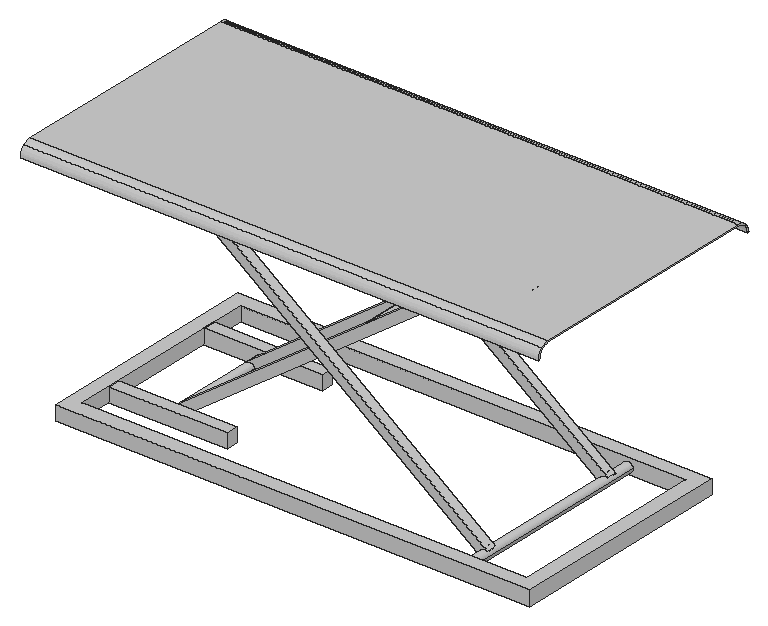
Revit family "Human_Solution-UPLIFT_Desk-Converters-UDA121", category Furniture, Revit 2014
Parameters (values of type "E3 Compact Desk Converter")
  Width = 26.76816"
  Unit = HMS - Aluminum
  URL = "https://www.thehumansolution.com/"
  Type Comments = "Desk Converters"  # constant formula
  Salvage or Reuse = yes
  Percentage of Recycled Content = 0
  Model = "UDA121"
  Material = ""
  Manufacturer = "Human Solution"  # constant formula
  Low Emitting Material = yes
  Low Emitting Finish = yes
  Keynote = "12500"
  Height = 12.80996"
  Description = "E3 Compact Desk Converter 27\"W 14\"D 13\"H"
  Depth = 13.5575"
  Assembly Code = "E2020200"
Reference planes (in)
  plane 1 "Center Front/Back": y = 0
  plane 2: z = 0
  plane 3 "Center Left/Right": x = 0
  plane 4: x = -13.38408
  plane 5: x = 13.38408
  plane 6: y = -13.5575
  plane 7: y = -6.77875
  plane 8: z = 26
  plane 9: z = 38.80996
Forms (in)
  Extrusion 1, solid, material "HMS - Aluminum" <- "Unit"
    sketch origin (0, 0, 26) x (1, 0, 0) y (0, 1, 0)
      loop
        line (-12.27217, -0.90375) -> (-12.27217, -12.65375) -> (12.22783, -12.65375) -> (12.22783, -0.90375) -> (-12.27217, -0.90375)
      loop
        line (11.47783, -11.90375) -> (11.47783, -1.65375) -> (-11.52217, -1.65375) -> (-11.52217, -11.90375) -> (11.47783, -11.90375)
    from 0 to 0.74996
  Extrusion 2, solid, material "HMS - Aluminum" <- "Unit"
    sketch origin (0, 0, 26) x (0, 1, 0) y (0, 0, 1)
      loop
        line (-12.9175, 12.74996) -> (-0.64, 12.74996)
        arc (-0.64, 12.74996) -> (-0.48768, 12.7296) -> (-0.34606, 12.66996) r 0.58
        arc (-0.34606, 12.66996) -> (-0.13657, 12.45799) -> (-0.06, 12.16996) r 0.58
        line (-0.06, 12.16996) -> (0, 12.16996)
        arc (0, 12.16996) -> (-0.06325, 12.44738) -> (-0.2405, 12.66996) r 0.64
        arc (-0.2405, 12.66996) -> (-0.42834, 12.77395) -> (-0.64, 12.80996) r 0.64
        line (-0.64, 12.80996) -> (-12.9175, 12.80996)
        arc (-12.9175, 12.80996) -> (-13.12916, 12.77395) -> (-13.317, 12.66996) r 0.64
        arc (-13.317, 12.66996) -> (-13.49554, 12.448) -> (-13.55749, 12.16996) r 0.62717
        line (-13.55749, 12.16996) -> (-13.50011, 12.16996)
        arc (-13.50011, 12.16996) -> (-13.42014, 12.45712) -> (-13.21144, 12.66996) r 0.59776
        arc (-13.21144, 12.66996) -> (-13.07005, 12.73048) -> (-12.9175, 12.74996) r 0.55605
    from -13.38408 to 13.38408
  Extrusion 3, solid, material "HMS - Aluminum" <- "Unit"
    sketch origin (0, 0, 26) x (0, 1, 0) y (0, 0, 1)
      loop
        line (-11.71625, 12.74996) -> (-11.71625, 12.12496) -> (-11.09125, 12.12496) -> (-11.09125, 12.74996) -> (-11.71625, 12.74996)
      loop
        line (-1.84125, 12.74996) -> (-2.46625, 12.74996) -> (-2.46625, 12.12496) -> (-1.84125, 12.12496) -> (-1.84125, 12.74996)
    from -4.52217 to -10.27217
  Extrusion 4, solid, material "HMS - Aluminum" <- "Unit"
    sketch origin (0, 0, 26) x (0, 1, 0) y (0, 0, 1)
      loop
        line (-10.15375, 12.12496) -> (-9.52875, 12.12496) -> (-9.52875, 12.74996) -> (-10.15375, 12.74996) -> (-10.15375, 12.12496)
      loop
        line (-4.02875, 12.12496) -> (-3.40375, 12.12496) -> (-3.40375, 12.74996) -> (-4.02875, 12.74996) -> (-4.02875, 12.12496)
    from 4.47783 to 10.22783
  Extrusion 5, solid, material "HMS - Aluminum" <- "Unit"
    sketch origin (0, 0, 26) x (1, 0, 0) y (0, 0, 1)
      loop
        line (-8.04027, 12.22396) -> (8.34165, 0.10896)
        arc (8.34165, 0.10896) -> (8.24305, 0.27294) -> (8.28929, 0.45861) r 0.25
        arc (8.28929, 0.45861) -> (8.45328, 0.55721) -> (8.63895, 0.51097) r 0.25
        line (8.63895, 0.51097) -> (-7.74297, 12.62597)
        arc (-7.74297, 12.62597) -> (-7.64438, 12.46198) -> (-7.69062, 12.27631) r 0.25
        arc (-7.69062, 12.27631) -> (-7.8546, 12.17772) -> (-8.04027, 12.22396) r 0.25
    from 10.40375 to 10.90375
  Extrusion 6, solid, material "HMS - Aluminum" <- "Unit"
    sketch origin (0, 0, 26) x (1, 0, 0) y (0, 0, 1)
      loop
        line (-8.4169, 0.09849) -> (8.00342, 12.1614)
        arc (8.00342, 12.1614) -> (7.8176, 12.11575) -> (7.65393, 12.21486) r 0.25
        arc (7.65393, 12.21486) -> (7.60828, 12.40068) -> (7.70739, 12.56435) r 0.25
        line (7.70739, 12.56435) -> (-8.71292, 0.50144)
        arc (-8.71292, 0.50144) -> (-8.52711, 0.54709) -> (-8.36344, 0.44797) r 0.25
        arc (-8.36344, 0.44797) -> (-8.31779, 0.26216) -> (-8.4169, 0.09849) r 0.25
    from 8.77875 to 9.27875
  Extrusion 7, solid, material "HMS - Aluminum" <- "Unit"
    sketch origin (0, 0, 26) x (1, 0, 0) y (0, 0, 1)
      loop
        circle (7.8554, 12.36287) r 0.25
    from 8.77875 to 9.52875
  Extrusion 8, solid, material "HMS - Aluminum" <- "Unit"
    sketch origin (0, -1.625, 26.0625) x (-1, 0, 0) y (0, 0, -1)
      loop
        circle (7.8554, -12.36287) r 0.25
    from 8.77875 to 9.52875
  Extrusion 9, solid, material "HMS - Aluminum" <- "Unit"
    sketch origin (0, 0, 26) x (1, 0, 0) y (0, 0, 1)
      loop
        circle (8.4903, 0.30996) r 0.25
    from 1.65375 to 12
  Extrusion 10, solid, material "HMS - Aluminum" <- "Unit"
    sketch origin (0, -13.5575, 26) x (1, 0, 0) y (0, 0, -1)
      loop
        arc (-8.04027, -12.22396) -> (-7.8546, -12.17772) -> (-7.69062, -12.27631) r 0.25
        arc (-7.69062, -12.27631) -> (-7.64438, -12.46198) -> (-7.74297, -12.62597) r 0.25
        line (-7.74297, -12.62597) -> (8.63895, -0.51097)
        arc (8.63895, -0.51097) -> (8.45328, -0.55721) -> (8.28929, -0.45861) r 0.25
        arc (8.28929, -0.45861) -> (8.24305, -0.27294) -> (8.34165, -0.10896) r 0.25
        line (8.34165, -0.10896) -> (-8.04027, -12.22396)
    from 10.40375 to 10.90375
  Extrusion 11, solid, material "HMS - Aluminum" <- "Unit"
    sketch origin (0, -13.5575, 26) x (1, 0, 0) y (0, 0, -1)
      loop
        arc (-8.4169, -0.09849) -> (-8.31779, -0.26216) -> (-8.36344, -0.44797) r 0.25
        arc (-8.36344, -0.44797) -> (-8.52711, -0.54709) -> (-8.71292, -0.50144) r 0.25
        line (-8.71292, -0.50144) -> (7.70739, -12.56435)
        arc (7.70739, -12.56435) -> (7.60828, -12.40068) -> (7.65393, -12.21486) r 0.25
        arc (7.65393, -12.21486) -> (7.8176, -12.11575) -> (8.00342, -12.1614) r 0.25
        line (8.00342, -12.1614) -> (-8.4169, -0.09849)
    from 8.77875 to 9.27875
  Extrusion 12, solid, material "HMS - Aluminum" <- "Unit"
    sketch origin (0, -13.5575, 26) x (1, 0, 0) y (0, 0, -1)
      loop
        circle (7.8554, -12.36287) r 0.25
    from 8.77875 to 9.52875
  Extrusion 13, solid, material "HMS - Aluminum" <- "Unit"
    sketch origin (0, 0, 26) x (1, 0, 0) y (0, 0, 1)
      loop
        line (0.65572, 7.38396) -> (0.95175, 6.98101) -> (1.3547, 7.27703) -> (1.05868, 7.67998) -> (0.65572, 7.38396)
    from 4.77875 to 8.77875
  Extrusion 14, solid, material "HMS - Aluminum" <- "Unit"
    sketch origin (0, 0, 26) x (0, 1, 0) y (0, 0, 1)
      loop
        line (-9.52875, -0.00004) -> (-9.52875, 0.74996) -> (-10.15375, 0.74996) -> (-10.15375, -0.00004) -> (-9.52875, -0.00004)
      loop
        line (-4.02875, 0.74996) -> (-4.02875, -0.00004) -> (-3.40375, -0.00004) -> (-3.40375, 0.74996) -> (-4.02875, 0.74996)
    from -11.52217 to -5.39717
  Extrusion 15, solid, material "HMS - Aluminum" <- "Unit"
    sketch origin (0, 0, 26) x (1, 0, 0) y (0, 0, 1)
      loop
        circle (-8.56491, 0.29996) r 0.25
    from 4.02875 to 9.52875
Lines and regions (in)
  symbolic lines
    curve 1: line (-13.38408, 0, 0) -> (13.38408, 0, 0)
    curve 2: line (-13.38408, -13.55752, 0) -> (-13.38408, 0, 0)
    curve 3: line (13.38408, -13.55752, 0) -> (-13.38408, -13.55752, 0)
    curve 4: line (13.38408, 0, 0) -> (13.38408, -13.55752, 0)
  symbolic lines, style "FurnitureHiddenLines", detail levels fine
    curve 5: line (12.22783, -0.90375, 0) -> (-12.27217, -0.90375, 0)
    curve 6: line (-12.27217, -0.90375, 0) -> (-12.27217, -12.65375, 0)
    curve 7: line (-12.27217, -12.65375, 0) -> (12.22783, -12.65375, 0)
    curve 8: line (12.22783, -12.65375, 0) -> (12.22783, -0.90375, 0)
    curve 9: line (-11.52217, -1.65375, 0) -> (11.47783, -1.65375, 0)
    curve 10: line (11.47783, -1.65375, 0) -> (11.47783, -11.90375, 0)
    curve 11: line (11.47783, -11.90375, 0) -> (-11.52217, -11.90375, 0)
    curve 12: line (-11.52217, -11.90375, 0) -> (-11.52217, -1.65375, 0)
    curve 13: line (-11.52217, -4.02875, 0) -> (-5.39717, -4.02875, 0)
    curve 14: line (-5.39717, -4.02875, 0) -> (-5.39717, -3.40375, 0)
    curve 15: line (-5.39717, -3.40375, 0) -> (-11.52217, -3.40375, 0)
    curve 16: line (-11.52217, -3.40375, 0) -> (-11.52217, -4.02875, 0)
    curve 17: line (-5.39717, -9.52875, 0) -> (-11.52217, -9.52875, 0)
    curve 18: line (-11.52217, -9.52875, 0) -> (-11.52217, -10.15375, 0)
    curve 19: line (-11.52217, -10.15375, 0) -> (-5.39717, -10.15375, 0)
    curve 20: line (-5.39717, -10.15375, 0) -> (-5.39717, -9.52875, 0)
    curve 21: line (10.22783, -9.52875, 0) -> (4.47783, -9.52875, 0)
    curve 22: line (4.47783, -9.52875, 0) -> (4.47783, -10.15375, 0)
    curve 23: line (4.47783, -10.15375, 0) -> (10.22783, -10.15375, 0)
    curve 24: line (10.22783, -10.15375, 0) -> (10.22783, -9.52875, 0)
    curve 25: line (10.22783, -3.40375, 0) -> (4.47783, -3.40375, 0)
    curve 26: line (4.47783, -3.40375, 0) -> (4.47783, -4.02875, 0)
    curve 27: line (4.47783, -4.02875, 0) -> (10.22783, -4.02875, 0)
    curve 28: line (10.22783, -4.02875, 0) -> (10.22783, -3.40375, 0)
Dimensions and locks (in)
  "Width": plane 4 to plane 5
  "Depth": plane 6 to plane 1 "Center Front/Back"
  equal spacing: plane 4, plane 3 "Center Left/Right", plane 5
  equal spacing: plane 6, plane 7, plane 1 "Center Front/Back"
  plane 8 to plane 2 = 26"
  "Height": plane 9 to plane 8
  aligned and locked: level to plane 2
  aligned and locked: Extrusion 13 to Extrusion 6
  aligned and locked: Extrusion 13 to Extrusion 11
Automatic sketch dimensions
  curve 3 to plane 4 = 0"
  plane 1 "Center Front/Back" to curve 4 = 0"
  curve 4 to plane 5 = 0"
  plane 4 to curve 6 = 1.11191"
  plane 4 to curve 18 = 1.86191"
  curve 5 to curve 12 = 0.75"
  curve 15 to curve 9 = 0"
  curve 20 to plane 3 "Center Left/Right" = 5.39717"
  curve 15 to plane 3 "Center Left/Right" = 5.39717"
  plane 3 "Center Left/Right" to curve 22 = 4.47783"
  plane 3 "Center Left/Right" to curve 27 = 4.47783"
  curve 24 to plane 5 = 3.15625"
  curve 27 to plane 5 = 3.15625"
  curve 10 to plane 5 = 1.90625"
  curve 9 to curve 5 = 0.75"
  plane 1 "Center Front/Back" to curve 5 = 0.90375"
  curve 12 to curve 5 = 0.75"
  plane 7 to curve 15 = 3.375"
  curve 25 to curve 9 = 1.75"
  curve 13 to curve 15 = 0.625"
  curve 26 to curve 25 = 0.625"
  curve 17 to plane 7 = 2.75"
  curve 21 to plane 7 = 2.75"
  curve 23 to curve 21 = 0.625"
  curve 20 to curve 17 = 0.625"
  plane 6 to curve 11 = 1.65375"
  plane 6 to curve 8 = 0.90375"
  curve 4 to plane 6 = 0.00002"
  plane 4 to Extrusion 1 sketch curve = 1.11191"
  Extrusion 1 sketch curve to Extrusion 1 sketch curve = 0.75"  (x3)
  Extrusion 1 sketch curve to plane 5 = 1.90625"
  plane 6 to Extrusion 1 sketch curve = 0.90375"
  plane 1 "Center Front/Back" to Extrusion 1 sketch curve = 1.65375"
  plane 1 "Center Front/Back" to Extrusion 1 sketch curve = 0.90375"
  Extrusion 2 sketch curve to Extrusion 2 sketch curve = 0"  (x12)
  Extrusion 2 sketch curve to plane 1 "Center Front/Back" = 0"
  plane 1 "Center Front/Back" to Extrusion 2 sketch curve = 0.06"
  Extrusion 2 sketch curve to Extrusion 2 sketch curve = 0.58"
  plane 6 to Extrusion 2 sketch curve = 0.65503"
  Extrusion 2 sketch curve to Extrusion 2 sketch curve = 0.01503"  (x2)
  Extrusion 2 sketch curve to Extrusion 2 sketch curve = 0.00653"
  Extrusion 2 sketch curve to Extrusion 2 sketch curve = 0.01285"
  plane 6 to Extrusion 2 sketch curve = 0.05739"
  plane 6 to Extrusion 2 sketch curve = 0.00001"
  plane 8 to Extrusion 2 sketch curve = 12.15825"
  Extrusion 2 sketch curve to Extrusion 2 sketch curve = 0.01172"  (x2)
  plane 8 to Extrusion 2 sketch curve = 12.16996"
  Extrusion 2 sketch curve to Extrusion 2 sketch curve = 0.00619"
  Extrusion 2 sketch curve to Extrusion 2 sketch curve = 0.0178"
  plane 1 "Center Front/Back" to Extrusion 2 sketch curve = 0.2405"
  Extrusion 2 sketch curve to Extrusion 2 sketch curve = 0.10556"
  plane 6 to Extrusion 3 sketch curve = 1.84125"
  Extrusion 3 sketch curve to Extrusion 3 sketch curve = 0.625"  (x4)
  plane 1 "Center Front/Back" to Extrusion 3 sketch curve = 2.46625"
  plane 8 to Extrusion 3 sketch curve = 12.12496"
  Extrusion 3 sketch curve to Extrusion 3 sketch curve = 0"
  Extrusion 4 sketch curve to plane 7 = 3.375"
  Extrusion 4 sketch curve to Extrusion 4 sketch curve = 0.625"  (x4)
  plane 7 to Extrusion 4 sketch curve = 2.75"
  plane 8 to Extrusion 4 sketch curve = 12.12496"
  Extrusion 4 sketch curve to Extrusion 4 sketch curve = 0"
  Extrusion 5 sketch curve to Extrusion 5 sketch curve = 0"  (x4)
  plane 4 to Extrusion 5 sketch curve = 5.3438"
  Extrusion 5 sketch curve to Extrusion 5 sketch curve = 0.14865"  (x4)
  plane 8 to Extrusion 5 sketch curve = 0.10896"
  Extrusion 5 sketch curve to plane 5 = 5.04243"
  plane 8 to Extrusion 5 sketch curve = 0.51097"
  plane 8 to Extrusion 5 sketch curve = 12.22396"
  Extrusion 5 sketch curve to Extrusion 5 sketch curve = 0.20101"  (x3)
  Extrusion 6 sketch curve to Extrusion 6 sketch curve = 0"  (x4)
  plane 8 to Extrusion 6 sketch curve = 0.50144"
  plane 4 to Extrusion 6 sketch curve = 4.67116"
  Extrusion 6 sketch curve to Extrusion 6 sketch curve = 0.14801"  (x4)
  plane 8 to Extrusion 6 sketch curve = 0.09849"
  Extrusion 6 sketch curve to plane 5 = 5.67669"
  plane 8 to Extrusion 6 sketch curve = 12.1614"
  Extrusion 6 sketch curve to Extrusion 6 sketch curve = 0.20148"  (x3)
  Extrusion 7 sketch curve to plane 5 = 5.52868"
  plane 8 to Extrusion 7 sketch curve = 12.36287"
  Extrusion 8 sketch curve to plane 4 = 5.52868"
  Extrusion 8 sketch curve to plane 8 = 12.42537"
  plane 8 to Extrusion 9 sketch curve = 0.30996"
  Extrusion 9 sketch curve to plane 5 = 4.89378"
  Extrusion 10 sketch curve to Extrusion 10 sketch curve = 0"  (x4)
  plane 4 to Extrusion 10 sketch curve = 5.3438"
  Extrusion 10 sketch curve to Extrusion 10 sketch curve = 0.14865"  (x4)
  plane 8 to Extrusion 10 sketch curve = 0.10896"
  Extrusion 10 sketch curve to plane 5 = 5.04243"
  plane 8 to Extrusion 10 sketch curve = 0.51097"
  plane 8 to Extrusion 10 sketch curve = 12.22396"
  Extrusion 10 sketch curve to Extrusion 10 sketch curve = 0.20101"  (x3)
  Extrusion 11 sketch curve to Extrusion 11 sketch curve = 0"  (x4)
  plane 8 to Extrusion 11 sketch curve = 0.50144"
  plane 4 to Extrusion 11 sketch curve = 4.67116"
  Extrusion 11 sketch curve to Extrusion 11 sketch curve = 0.14801"  (x4)
  plane 8 to Extrusion 11 sketch curve = 0.09849"
  Extrusion 11 sketch curve to plane 5 = 5.67669"
  plane 8 to Extrusion 11 sketch curve = 12.1614"
  Extrusion 11 sketch curve to Extrusion 11 sketch curve = 0.20148"  (x3)
  Extrusion 12 sketch curve to plane 5 = 5.52868"
  plane 8 to Extrusion 12 sketch curve = 12.36287"
  plane 3 "Center Left/Right" to Extrusion 13 sketch curve = 0.65572"
  Extrusion 13 sketch curve to Extrusion 13 sketch curve = 0.29602"  (x2)
  Extrusion 13 sketch curve to Extrusion 13 sketch curve = 0.40295"
  plane 8 to Extrusion 13 sketch curve = 6.98101"
  Extrusion 14 sketch curve to plane 8 = 0.00004"  (x2)
  Extrusion 14 sketch curve to plane 7 = 3.375"
  Extrusion 14 sketch curve to Extrusion 14 sketch curve = 0.625"  (x2)
  plane 8 to Extrusion 14 sketch curve = 0.74996"  (x2)
  plane 7 to Extrusion 14 sketch curve = 2.75"
  plane 8 to Extrusion 15 sketch curve = 0.29996"
  plane 4 to Extrusion 15 sketch curve = 4.81917"
  radius of Extrusion 7 sketch curve = 0.25"
  radius of Extrusion 8 sketch curve = 0.25"
  radius of Extrusion 9 sketch curve = 0.25"
  radius of Extrusion 12 sketch curve = 0.25"
  radius of Extrusion 15 sketch curve = 0.25"
